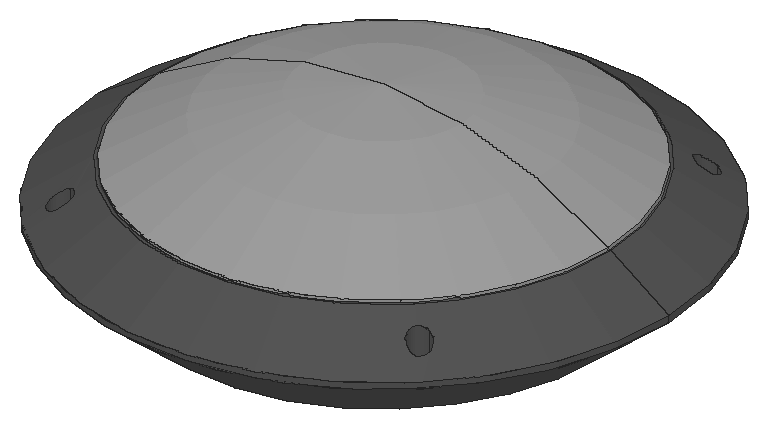
Revit family "49247", category Lighting Fixtures, host Face, Revit 2018
Family settings
  Host = Face
  Round Connector Dimension = Use Diameter
  Part Type = Normal
  OmniClass Number = 23.80.70.00
  OmniClass Title = Lighting
  Cut with Voids When Loaded = No
  Light Source = Yes
  Shared = No
  Room Calculation Point = No
Parameters (values of type "0049247 START SURFACE IP66 1450LM 830 DA BLK")
  Weight = "n/a"
  Wattage Comments = ""
  Wattage = 12 W
  WarrantyStartDate [instance] = "n/a"
  WarrantyGuarantorParts = "n/a"
  WarrantyDurationUnit = "n/a"
  WarrantyDurationParts = ""
  WarrantyDescription = "http://www.sylvania-lighting.com"
  built-in parameter 1150110 = 1 (stored number, unit not read)
  Voltage = 0 V
  URL = "1"
  TypeName = "START SURFACE IP66 1450LM 830 IK10 DALI BLK"
  Type Image = <None>
  Type Comments = "n/a"
  built-in parameter 1114217 = 1 (stored number, unit not read)
  Tilt Angle = -90.00°
  built-in parameter 1150109 = 1 (stored number, unit not read)
  built-in parameter 1150134 = (empty or 0)
  built-in parameter 1150113 = 1 (stored number, unit not read)
  SerialNumber [instance] = "n/a"
  Photometric Web File = "0049247.ies"
  Material_3_SYL = LED-Sylvania-StartSurfaceIP66
  PowerFactor = 0
  PowerConsumption = "Lighting"
  NominalLength = 350 mm
  NominalHeight = 90 mm
  NominalDepth = 300 mm
  Name = "START SURFACE IP66 1450LM 830 IK10 DALI BLK"
  ModelReference = Name  # "START SURFACE IP66 1450LM 830 IK10 DALI BLK"
  ModelNumber = "0049247"
  Model = Name  # "START SURFACE IP66 1450LM 830 IK10 DALI BLK"
  Material = "Feilo Sylvania"
  ManufacturerName = "107 lm/W"
  Manufacturer = ""
  LuminousEfficacy = ""
  built-in parameter 1150105 = 84.034 (stored number, unit not read)
  Lumens = 1056 lm
  LuminaireType = "0"
  built-in parameter 1150115 = 1 (stored number, unit not read)
  LightOutputRatio = "LED"
  built-in parameter 1150137 = (empty or 0)
  built-in parameter 1150139 = (empty or 0)
  LampsType = Lamp  # "n/a"
  LampNominalLuminous = "3000 K"
  LampMacAdamStep = "80"
  LampColourTemperature = "LED"
  LampColourRenderingIndex = "16500"
  built-in parameter 1150112 = 1 (stored number, unit not read)
  built-in parameter 1150114 = 1 (stored number, unit not read)
  Lamp = "n/a"
  Keynote = "n/a"
  InstallationDate [instance] = "n/a"
  InputVoltage = "0"
  InputNominalFrequency = "3000"
  built-in parameter 1150132 = (empty or 0)
  built-in parameter 1150102 = (empty or 0)
  built-in parameter 1150107 = 3000 (stored number, unit not read)
  built-in parameter 1150138 = (empty or 0)
  IngressProtection = "IfcLightFixtureType"
  ImpactProtectionIndex = "IfcLightFixtureType"
  built-in parameter 1150106 = 0.84034 (stored number, unit not read)
  IfcExportType = "IfcLightFixtureType"
  IfcExportAs = "Class II"
  HoleRad_SYL = 134 mm
  HoleHoleRad_SYL = 6 mm
  HoleAngle_SYL = 45.00°
  Eyelid_SYL [instance] = no
  ExpectedLife = 50000
  Emit from Circle Diameter = 200 mm
  Emit Shape Visible in Rendering = no
  ElectricShockClassification = "107"
  built-in parameter 1150104 = 8.1755 (stored number, unit not read)
  DurationUnit = "hours"
  DocumentationLiterature = "http://www.sylvania-lighting.com/product/en-int/products/0049247"
  DimmingControlOptions = "n/a"
  Material_2_SYL = Diffuser-Sylvania-StartSurfaceIP66
  Dimming Lamp Color Temperature Shift = <None>
  Description = "LED exterior surface mounted luminaire, 350mm diameter, 1450lm as max. lumen output, 15W max. power consumption, 97lm/W efficacy, 3000K color temperature, CRI80, IP66, IK10, 60,000 hours (L70), black housing, vandal resistant. DALI and DALI 2 dimming compatibility, supplied with anti-theft screws"
  Default Elevation = 1219.2 mm
  CreatedOn = "21/12/2022"
  CreatedBy = "@sylvania-lighting.com"
  Cost = 0
  Color Filter = 16777215
  built-in parameter 1114216 [instance] = (empty or 0)
  ClassificationValue = "EF_70_80"
  ClassificationName = "Uniclass2015"
  Material_1_SYL = Body-Sylvania-StartSurfaceIP66-Black
  BarCode [instance] = "n/a"
  built-in parameter 1114218 = 1 (stored number, unit not read)
  built-in parameter 1150133 = 10 (stored number, unit not read)
  AssetType = "Fixed"
  AssetIdentifier [instance] = "n/a"
  Assembly Code = "D5020200"
  Apparent Load = 14 VA
Reference planes
  plane 1 "Center (Front/Back)": y = 0
  plane 2: z = 0
  plane 3 "Center (Left/Right)": x = 0
  plane 4: x = 150
  plane 5: x = -150
  plane 6: z = 90
  plane 7: z = 30
  plane 8: z = 54
  plane 9: x = -113
  plane 10: x = 113
  plane 11: x = -118
  plane 12: z = 33
  plane 13: z = 51
  plane 14: z = 87
  plane 15: z = 92
  plane 16: x = -148
  plane 17: y = -13
Forms (mm)
  Revolve 1, solid, material "Diffuser-Sylvania-StartSurfaceIP66" <- "Material_2_SYL"
    sketch origin (0, 0, 0) x (1, 0, 0) y (0, 0, 1)
      loop
        arc (0, 90) -> (-61.685, 80.8) -> (-118, 54) r 211.389
        line (-118, 54) -> (-118, 51) -> (-117.081, 51)
        arc (-117.081, 51) -> (-61.245, 77.797) -> (0, 87) r 208.389
        line (0, 87) -> (0, 90)
      axis (0, 90) -> (0, 51)
    angle from 360 to 0
  Revolve 2, solid, material "Body-Sylvania-StartSurfaceIP66-Black" <- "Material_1_SYL"
    sketch origin (0, 0, 0) x (1, 0, 0) y (0, 0, 1)
      loop
        line (0, 0) -> (0, 33) -> (-118, 33) -> (-118, 52.116)
        arc (-118, 52.116) -> (-118.529, 53.009) -> (-119.566, 52.973) r 1.017
        line (-119.566, 52.973) -> (-150, 33) -> (-150, 30) -> (-113, 0) -> (0, 0)
      axis (0, 52.973) -> (0, 0)
    angle from 360 to 0
  Extrusion 3, void
    sketch origin (-1534.635, -4572, 33) x (0, -1, 0) y (-1, 0, 0)
      loop
        circle (-4666.752, -1439.882) r 6
      loop
        circle (-4666.752, -1629.387) r 6
      loop
        circle (-4477.248, -1439.882) r 6
      loop
        circle (-4477.248, -1629.387) r 6
    from -18 to 0
  Revolve 4, solid, material "Body-Sylvania-StartSurfaceIP66-Black" <- "Material_1_SYL", visible <- "Eyelid_SYL"
    sketch origin (0, 0, 0) x (1, 0, 0) y (0, 0, 1)
      loop
        line (0, 90) -> (0, 92)
        arc (0, 92) -> (-79.423, 77.068) -> (-148, 34.313) r 218.694
        line (-148, 34.313) -> (-118, 54)
        arc (-118, 54) -> (-61.685, 80.8) -> (0, 90) r 211.389
      axis (0, 92) -> (0, 34.313)
    angle from 360 to 0
  Extrusion 5, void
    sketch origin (-1534.635, -4572, 33) x (0, -1, 0) y (-1, 0, 0)
      loop
        line (-4367.393, -1384.635) -> (-4559, -1384.635)
        arc (-4559, -1384.635) -> (-4572, -1534.635) -> (-4559, -1684.635) r 871.885
        line (-4559, -1684.635) -> (-4367.393, -1684.635) -> (-4367.393, -1384.635)
    from -82.978 to 19.568
Cuts and joins
  Extrusion 3 cuts Revolve 2
  Extrusion 3, Extrusion 5 cuts Revolve 4
Lines and regions (mm)
  reference lines
    curve 1: line (-150, 0, 33) -> (-118, 0, 54)
    curve 2: circle (0, 0, 0) r 134 normal (0, 0, 1)
    curve 3: line (0, 0, 0) -> (-94.752, 94.752, 0)
    curve 4: line (0, 0, 0) -> (94.752, 94.752, 0)
    curve 5: line (0, 0, 0) -> (-94.752, -94.752, 0)
    curve 6: line (0, 0, 0) -> (94.752, -94.752, 0)
Dimensions and locks
  locked: plane 6 to plane 2 at 90
  plane 8 to plane 7 to plane 2 = 24 mm locked, 30 mm locked
  equal spacing: plane 4, plane 3 "Center (Left/Right)", plane 5
  locked: plane 4 to plane 5 at 300
  equal spacing: plane 10, plane 3 "Center (Left/Right)", plane 9
  locked: plane 9 to plane 5 at 37
  locked: plane 9 to plane 11 at 5
  locked: plane 12 to plane 7 at 3
  locked: plane 8 to plane 13 at 3
  locked: plane 6 to plane 14 at 3
  locked: plane 15 to plane 6 at 2
  locked: plane 16 to plane 5 at 2
  locked: plane 17 to plane 1 "Center (Front/Back)" at 13
  "HoleRad_SYL": radius of curve 2
  "HoleHoleRad_SYL": radius of Extrusion 3 sketch curve  (x4)
  "HoleAngle_SYL": angle curve 3 to plane 1 "Center (Front/Back)"
  "HoleAngle_SYL": angle plane 1 "Center (Front/Back)" to curve 4
  "HoleAngle_SYL": angle plane 1 "Center (Front/Back)" to curve 5
  "HoleAngle_SYL": angle curve 6 to plane 1 "Center (Front/Back)"
  aligned and locked: plane 2 to host face
  aligned and locked: level to host face
  aligned and locked: plane 5 to curve 1
  aligned and locked: plane 11 to curve 1
  aligned and locked: Revolve 1 sketch curve to plane 3 "Center (Left/Right)"
  aligned and locked: curve 1 to Revolve 1 sketch curve
  aligned and locked: plane 6 to Revolve 1 sketch curve
  aligned and locked: plane 3 "Center (Left/Right)" to Revolve 1 sketch curve  (x2)
  aligned and locked: plane 11 to Revolve 1 sketch curve  (x2)
  aligned and locked: plane 13 to Revolve 1 sketch curve  (x2)
  aligned and locked: plane 14 to Revolve 1 sketch curve
  aligned and locked: Revolve 2 sketch curve to plane 3 "Center (Left/Right)"  (x2)
  aligned and locked: level to Revolve 2 sketch curve
  aligned and locked: plane 5 to Revolve 2 sketch curve
  aligned and locked: Revolve 2 sketch curve to curve 1
  aligned and locked: plane 3 "Center (Left/Right)" to curve 3
  aligned and locked: plane 13 to Extrusion 3
  aligned and locked: Extrusion 3 to plane 12
  aligned and locked: Revolve 2 sketch curve to plane 12
  aligned and locked: Revolve 4 sketch curve to plane 3 "Center (Left/Right)"  (x2)
  aligned and locked: Revolve 1 to Revolve 4 sketch curve
  aligned and locked: Revolve 4 sketch curve to curve 1
  aligned and locked: plane 11 to Revolve 4 sketch curve
  aligned and locked: plane 16 to Revolve 4 sketch curve
  aligned and locked: plane 15 to Revolve 4 sketch curve
  aligned and locked: plane 4 to Extrusion 5
  aligned and locked: Extrusion 5 to plane 5
  aligned and locked: plane 3 "Center (Left/Right)" to imposter light
  aligned and locked: imposter light to plane 1 "Center (Front/Back)"
  aligned and locked: plane 8 to imposter light
Automatic sketch dimensions
  host sketch curve to host sketch curve = 600 mm  (x2)
  curve 1 to plane 8 = 0 mm
  curve 1 to plane 12 = 0 mm
  Revolve 1 sketch curve to Revolve 1 sketch curve = 0 mm
  Revolve 1 sketch curve to Revolve 1 sketch curve = 488.211 mm
  Revolve 1 sketch curve to Revolve 1 sketch curve = 2519.058 mm
  plane 1 "Center (Front/Back)" to curve 2 = 0 mm
  curve 2 to plane 3 "Center (Left/Right)" = 0 mm
  plane 1 "Center (Front/Back)" to curve 4 = 0 mm
  Extrusion 3 sketch curve to plane 10 = 18.248 mm  (x2)
  Extrusion 3 sketch curve to plane 1 "Center (Front/Back)" = 94.752 mm  (x2)
  plane 9 to Extrusion 3 sketch curve = 18.248 mm  (x2)
  plane 1 "Center (Front/Back)" to Extrusion 3 sketch curve = 94.752 mm  (x2)
  Revolve 2 sketch curve to plane 9 = 0 mm
  Revolve 2 sketch curve to plane 7 = 0 mm
  Revolve 2 sketch curve to plane 8 = 1.027 mm
  Revolve 2 sketch curve to Revolve 2 sketch curve = 0.549 mm
  Revolve 2 sketch curve to level = 609.6 mm
  plane 6 to Revolve 2 sketch curve = 2519.058 mm
  Revolve 2 sketch curve to plane 11 = 0 mm
  Revolve 4 sketch curve to plane 6 = 0 mm
  Revolve 4 sketch curve to Revolve 4 sketch curve = 482.906 mm
  Revolve 4 sketch curve to Revolve 4 sketch curve = 2517.058 mm
  Extrusion 5 sketch curve to plane 5 = 0 mm
  Extrusion 5 sketch curve to plane 4 = 0 mm
  plane 17 to Extrusion 5 sketch curve = 191.607 mm
  Extrusion 5 sketch curve to Extrusion 5 sketch curve = 667.277 mm
  plane 17 to Extrusion 5 sketch curve = 0 mm  (x2)
Connectors
  electrical at (0, 0, 0), driven by "Apparent Load", driven by "PowerFactor", driven by "Voltage"
    settings: index 1, voltage 0 V, apparent load 14 VA, apparent load phase1 0 VA, apparent load phase2 0 VA, apparent load phase3 0 VA, power factor 0, load classification "Lighting", number of poles 1, system type 30, power factor state 1, is connector primary yes, connector utility no, sub classification motor no, connector description ""
